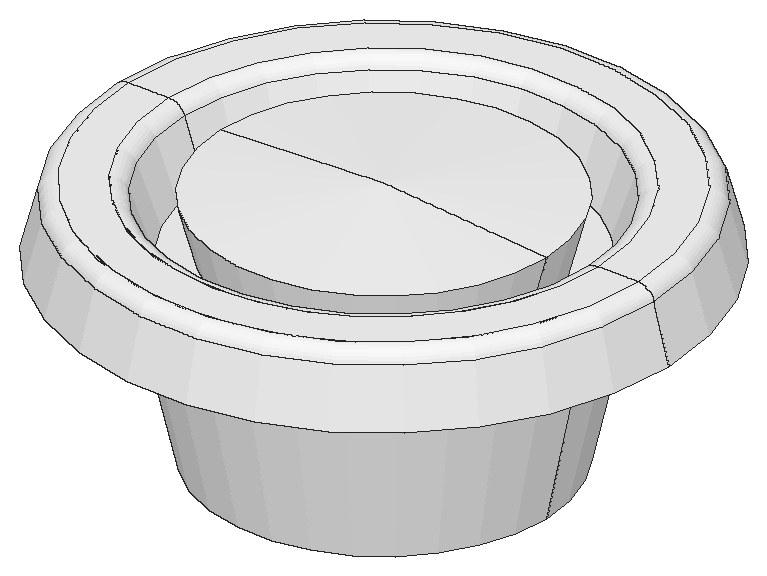
Revit family "CADS_AIRFLOWdev_Airvalve_FireProtection125mm_Extract", category Air Terminals, host Face, Revit 2015
Parameters (values of type "CADS_AIRFLOWdev_Airvalve_FireProtection125mm_Extract")
  WeeklyMaintenance = "N/A"
  WarrantyStartDate [instance] = "1900-12-31T23:59:194"
  WarrantyPeriod = "0"
  WarrantyIdentifier = "N/A"
  WarrantyGuarantorParts = "info@airflow.com"
  WarrantyGuarantorLabor = "info@airflow.com"
  WarrantyGuarantor = "Airflow Developments Ltd"
  WarrantyEndDate [instance] = "1900-12-31T23:59:194"
  WarrantyContent = "N/A"
  Uniclass2015 = "Pr_65_70_46_07"
  TemperatureRange = "up to 72°C"
  TagNumber [instance] = "N/A"
  SustainabilityPerformance = "N/A"
  Status = "New"
  Size = "75 x 175 x 175"
  ShippingWeight = 0.24 kg
  Shape = "Round"
  ServiceLifeType = "EXPECTEDSERVICELIFE"
  ServiceLifeDuration = "10"
  SerialNumber [instance] = "N/A"
  SAPApproval = yes
  RunID = "0"  # constant formula
  ReplacementCost = "145.932"
  RedDotDesignAward = no
  QuarterlyMaintenance = "N/A"
  Quantity = 1
  ProductionYear = "2017"
  ProductLiterature = "https://www.airflow.com/pdf/Accessories.pdf#page=13"
  PointOfContact = "Airflow Developments Ltd"
  PassiveHouseApproval = no
  NominalWidth = 175 mm
  NominalLength = 175 mm
  NominalHeight = 75 mm
  NBSCode = "90-75-50/370 Air terminals;"
  MonthlyMaintenance = "N/A"
  ModelReference [instance] = "90000126"
  ModelLabel [instance] = "Fire Protection Extract Valve"
  Material = "Steel"
  ManufacturerWebsite = "www.airflow.com"
  ManufacturerTelephone = "01494 525252"
  ManufacturerE-Mail = "info@airflow.com"
  ManufacturerAddress = "Aidelle House\nLancaster Road\nCressex Business Park\nHigh Wycombe\nBucks\nHP123QP"
  Manufacturer = "Airflow Developments Ltd"
  MaintenanceRequired8001to12000hrs = "N/A"
  MaintenanceRequired601to1000hrs = "N/A"
  MaintenanceRequired4001to8000hrs = "N/A"
  MaintenanceRequired301to600hrs = "N/A"
  MaintenanceRequired2001to4000hrs = "N/A"
  MaintenanceRequired1001to2000hrs = "N/A"
  MaintenanceRequired0to300hrs = "N/A"
  IsExtendedWarranty = no
  InstallationDate [instance] = "1900-12-31T23:59:194"
  ISO90001 = yes
  ISO140001 = yes
  GrossWeight = 0.20 kg
  Grade = "Virgin"
  GlobalTradeItemNumber [instance] = "5019009310381"
  Flow [instance] = 0.0 L/s
  Fitting Type = "Ignore"
  FireControlPanelLinks = no
  Finish = "Zinc powder coated"
  Features = "Fire Protection Extract Valve"
  ExpectedServiceLife = 10
  Exclusions = "N/A"
  DurationUnit = "Year"
  DuctDiameter = 125 mm  # constant formula
  Default Elevation = 1219.2 mm
  DailyMaintenance = "N/A"
  Constituents = "Fire Protection Extract Valve"
  Color = "White"
  CodePerformance = "N/A"
  CEApproval = yes
  CADS_Index = 0
  BespokeTimeFrameMaintenance = "N/A"
  B1 = 20 mm
  B = 75 mm  # constant formula
  AssetType = "FIXED"
  AssetIdentifier [instance] = "N/A"
  AssemblyPlace = "UNKNOWN"
  ArticleNumber [instance] = "N/A"
  AnnualMaintenance = "N/A"
  AccessibilityPerformance = "N/A"
  A1 = DuctDiameter - 25 mm  # 100 mm
  A = 175 mm  # constant formula
  6MonthlyMaintenance = "Visually inspect system, clean the fan and ducting if necessary"
Types (2, lengths in mm): name | RedDotDesignAward | PassiveHouseApproval | NominalWidth | NominalLength | NominalHeight | IsExtendedWarranty | FireControlPanelLinks
  (no name) | yes | yes | 0 | 0 | 0 | yes | yes
  CADS_AIRFLOWdev_Airvalve_FireProtection125mm_Extract | no | no | 175 | 175 | 75 | no | no
Values of the unnamed type that differ from the named types
  WeeklyMaintenance = ""
  WarrantyStartDate = ""
  WarrantyPeriod = ""
  WarrantyIdentifier = ""
  WarrantyGuarantorParts = ""
  WarrantyGuarantorLabor = ""
  WarrantyGuarantor = ""
  WarrantyEndDate = ""
  WarrantyContent = ""
  Uniclass2015 = ""
  TemperatureRange = ""
  TagNumber = ""
  SustainabilityPerformance = ""
  Status = ""
  Size = ""
  ShippingWeight = 0.00 kg
  Shape = ""
  ServiceLifeType = ""
  ServiceLifeDuration = ""
  SerialNumber = ""
  ReplacementCost = ""
  QuarterlyMaintenance = ""
  Quantity = 0
  ProductionYear = ""
  ProductLiterature = ""
  PointOfContact = ""
  NBSCode = ""
  MonthlyMaintenance = ""
  ModelReference = ""
  ModelLabel = ""
  Material = ""
  ManufacturerWebsite = ""
  ManufacturerTelephone = ""
  ManufacturerE-Mail = ""
  ManufacturerAddress = ""
  MaintenanceRequired8001to12000hrs = ""
  MaintenanceRequired601to1000hrs = ""
  MaintenanceRequired4001to8000hrs = ""
  MaintenanceRequired301to600hrs = ""
  MaintenanceRequired2001to4000hrs = ""
  MaintenanceRequired1001to2000hrs = ""
  MaintenanceRequired0to300hrs = ""
  InstallationDate = ""
  GrossWeight = 0.00 kg
  Grade = ""
  GlobalTradeItemNumber = ""
  Fitting Type = ""
  Finish = ""
  Features = ""
  ExpectedServiceLife = 0
  Exclusions = ""
  DurationUnit = ""
  DailyMaintenance = ""
  Constituents = ""
  Color = ""
  CodePerformance = ""
  BespokeTimeFrameMaintenance = ""
  AssetType = ""
  AssetIdentifier = ""
  AssemblyPlace = ""
  ArticleNumber = ""
  AnnualMaintenance = ""
  AccessibilityPerformance = ""
  6MonthlyMaintenance = ""
Reference planes
  plane 1 "Center (Front/Back)": y = 0
  plane 2: z = 0
  plane 3 "Center (Left/Right)": x = 0
  plane 4: x = -87.5
  plane 5: x = 87.5
  plane 6: z = 20
  plane 7: x = -50
  plane 8: x = 50
  plane 9: z = -55
  plane 10: x = -62.5
  plane 11: x = 62.5
Forms (mm)
  Extrusion 1, void
    sketch origin (0, 0, 0) x (1, 0, 0) y (0, 1, 0)
      loop
        circle (0, 0) r 62.5
    from 0 to -100
  Revolve 2, solid, material "CADS_AirFlow_White"
    sketch origin (0, 0, 0) x (1, 0, 0) y (0, 0, 1)
      loop
        line (-87.5, 0) -> (-62.5, 0) -> (-50, -55) -> (0, -55) -> (0, 20)
        arc (0, 20) -> (-25.051, 19.2) -> (-50, 16.802) r 392.518
        line (-50, 16.802) -> (-45.356, 0) -> (-55.356, 0) -> (-61.315, 16.682)
        arc (-61.315, 16.682) -> (-63.143, 19.087) -> (-66.023, 20) r 5
        line (-66.023, 20) -> (-78.304, 20)
        arc (-78.304, 20) -> (-81.348, 18.967) -> (-83.134, 16.294) r 5
        line (-83.134, 16.294) -> (-87.5, 0)
      axis (0, 20) -> (0, -55)
    angle from 0 to 360
Dimensions and locks
  equal spacing: plane 8, plane 3 "Center (Left/Right)", plane 7
  equal spacing: plane 5, plane 3 "Center (Left/Right)", plane 4
  "A": plane 5 to plane 4
  "A1": plane 8 to plane 7
  "B1": plane 6 to plane 2
  "B": plane 6 to plane 9
  equal spacing: plane 11, plane 3 "Center (Left/Right)", plane 10
  "DuctDiameter": plane 11 to plane 10
  "DuctDiameter": diameter of Extrusion 1 sketch curve
  aligned and locked: plane 2 to host face
  aligned and locked: level to host face
  aligned and locked: Revolve 2 sketch curve to plane 6
  aligned and locked: Revolve 2 sketch curve to plane 3 "Center (Left/Right)"
Automatic sketch dimensions
  host sketch curve to host sketch curve = 2438.4 mm  (x2)
  Revolve 2 sketch curve to level = 0 mm  (x2)
  Revolve 2 sketch curve to plane 4 = 0 mm
  Revolve 2 sketch curve to plane 10 = 0 mm
  Revolve 2 sketch curve to plane 7 = 0 mm  (x2)
  Revolve 2 sketch curve to plane 3 "Center (Left/Right)" = 0 mm
  Revolve 2 sketch curve to plane 9 = 0 mm
  Revolve 2 sketch curve to plane 6 = 0 mm
  plane 4 to Revolve 2 sketch curve = 4.366 mm
  Revolve 2 sketch curve to Revolve 2 sketch curve = 4.83 mm
  Revolve 2 sketch curve to plane 10 = 3.523 mm
  plane 10 to Revolve 2 sketch curve = 1.185 mm
  Revolve 2 sketch curve to plane 7 = 5.356 mm
  plane 7 to Revolve 2 sketch curve = 4.644 mm
  Revolve 2 sketch curve to plane 9 = 317.518 mm
  Revolve 2 sketch curve to Revolve 2 sketch curve = 5 mm  (x2)
  Revolve 2 sketch curve to Revolve 2 sketch curve = 247.082 mm
  Revolve 2 sketch curve to Revolve 2 sketch curve = 2589.058 mm
  plane 1 "Center (Front/Back)" to Extrusion 1 sketch curve = 0 mm
  Extrusion 1 sketch curve to plane 3 "Center (Left/Right)" = 0 mm
Connectors
  hvac at (0, 0, 0), driven by "DuctDiameter", driven by "Flow"
    settings: on Revolve 2, index 1, duct flow 0.0 L/s, flow factor 0, pres drop 0.0 Pa, loss coef 0, conn angle 0.00°, conn width 304.8 mm, conn height 304.8 mm, conn diameter 125 mm, duct sys type 2, conn prof type 0, flow config 1, flow direction 2, loss method 0, conn ref index -1, conn util no, is conn primary yes, conn desc ""
